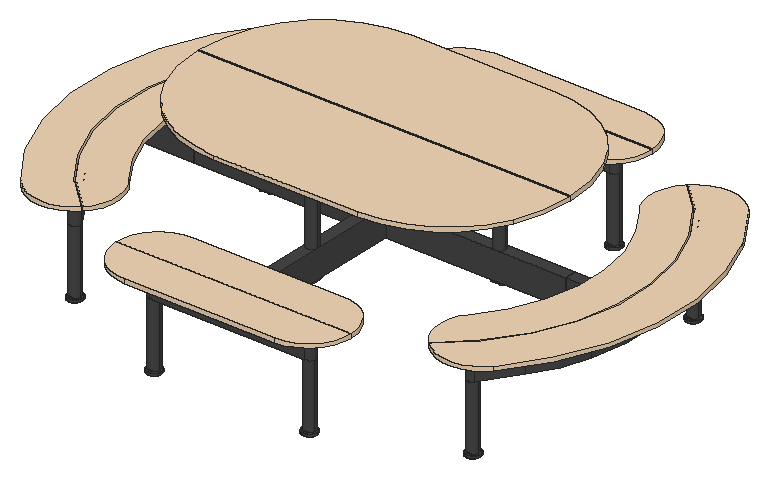
Revit family "DBLTD_TheSenatorGroup_OfficeTables_Tibo_US", category Furniture, Revit 2021
Family settings
  OmniClass Number = 23.40.20.00
  OmniClass Title = General Furniture and Specialties
  Work Plane-Based = No
  Always vertical = Yes
  Cut with Voids When Loaded = No
  Shared = Yes
  Room Calculation Point = No
Parameters (values of type "Mid Oblong Outdoor Table")
  WorktopMaterial = DBLTD_TheSenatorGroup_Wood_Teak
  WorksurfaceArea = NominalWidth * NominalDepth  # 5.49536 m²
  WarrantyStartDate [instance] = " "
  WarrantyGuarantorParts = "https://www.thesenatorgroup.com/"
  WarrantyGuarantorLabor = "https://www.thesenatorgroup.com/"
  WarrantyDurationUnit = "years"
  WarrantyDurationParts = "5"
  WarrantyDurationLabor = "5"
  WarrantyDescription = "The Senator Group warrants that its manufactured products are free from manufacturing defects - in materials or workmanship - for a period of five (5) years.\r\nAllermuir will repair, or replace (at Allermuir’s sole discretion) with comparable free of charge materials/ components, any product/ component which fails under normal use in a single shift environment, as a result of a defect in the materials and/or workmanship.\r\n\r\nExceptions -\r\nNon-standard product - 2 years\r\nScreen-mounted Accessories/ Dry-wipe Boards - 2 years\r\nElectrical and/or electronic componentry - 2 years\r\n\r\nExclusions - Allermuir does not warrant:\r\nFailure due to normal “Wear and Tear”.\r\nNatural variations in appearance of wood - its grain, figure and colour.\r\nChanges in surface appearance resulting from exposure to light, and the natural ageing process of wood.\r\nChanges in surface appearance resulting from the misuse of cleaning materials and methods/ damage form sharp objects/ imprinting from writing implements.\r\nNatural variations in Leather - its marks, scars and wrinkles.\r\nProduct stored/ exposed to extreme operational conditions.\r\nConsumable components such as Fuses/ Lights/ lamps/ transformers/etc.\r\nOther Manufacturer’s product supplied by Allermuir (their own warranty shall apply where possible).\r\nNon-standard fabrics/ finishes or veneers used. Allermuir only checks the manufacturing quality of Customer’s\r\nOwn Material (COM) and provides no warranty for the finish/ fabric itself.\r\nProduct which has not been installed/ moved/ reconfigured by Allermuir approved personnel.\r\nAllermuir shall be under no liability whatsoever for any consequential damage, loss or other expenses whether arising out of contract, negligence or otherwise."
  Version = "1"
  Uniclass2015Version = "Products v1.15"
  Uniclass2015Title = "Office tables"
  Uniclass2015Code = "Pr_40_50_21_60"
  URL = "https://www.thesenatorgroup.com/"
  Type Comments = ModelReference  # "Mid Oblong Outdoor Table"
  TagNumber [instance] = " "
  TableType = Nested_DBLTD_TheSenatorGroup_OfficeTables_Tibo_Oval : Oval Small
  SustainabilityPerformance = "n/a"
  Size = "104.02 x 81.89 x 2913 mm"
  Shape = "Rectangular"
  SerialNumber [instance] = " "
  Revision = ""
  ReplacementCost = "n/a"
  ProductInformation = "https://www.allermuir.com/en/products/tables-storage/tibo"
  NumberOfChairs = 8
  NominalWidth = 104.01575"
  NominalHeight = 29.13386"
  NominalDepth = 81.88976"
  Name = "Table"
  ModelReference = "Mid Oblong Outdoor Table"
  ModelNumber = "TOMO"
  Model = ModelNumber  # "TOMO"
  Material = "Top and Seats; 18 mm Teak. Frame; Aluminium"
  ManufacturerURL = "https://www.thesenatorgroup.com/"
  ManufacturerName = "The Senator Group"
  Keynote = Category  # "Pr_40_50_21_60 Office tables"
  InstallationDate [instance] = " "
  Grade = "n/a"
  FrameMaterial [instance] = DBLTD_TheSenatorGroup_Metal_Black
  Finish = "Frame; Black Textured, Ceramic White. Top; White, Grey, Platinum, Pewter Grey, Jet Black, Ash, Summer Oak, Biella Walnut. Edge; Solid Black, Solid White, Clear"
  Features = "n/a"
  ExpectedLife = "5"
  DurationUnit = "years"
  Cost = 0
  Constituents = "Base, Top, Seats"
  Color = "Frame; Black, White, Stone. Top; Teak"
  CodePerformance = "n/a"
  Category = "Pr_40_50_21_60 Office tables"
  Manufacturer = ManufacturerName  # "The Senator Group"
  Description = ModelReference  # "Mid Oblong Outdoor Table"
  Default Elevation = 0"
  BarCode [instance] = " "
  Author = "Diane Butterworth Ltd"
  AssetType = "Movable"
  AssetIdentifier [instance] = " "
  Assembly Code = "E2020200"
  AccessibilityPerformance = "n/a"
Reference planes (in)
  plane 1 "Center (Front/Back)": y = 0
  plane 2: z = 0
  plane 3 "Center (Left/Right)": x = 0
  plane 4: z = 29.13386
  plane 5: z = 28.14961
  plane 6: x = 52.00787
  plane 7: x = -52.00787
  plane 8 "Center L/S": y = 40.94488
  plane 9 "Center L/T": y = -40.94488
Dimensions and locks (in)
  "NominalHeight": plane 4 to level
  plane 4 to plane 5 = 0.98425"
  equal spacing: plane 7, plane 3 "Center (Left/Right)", plane 6
  "NominalWidth": plane 7 to plane 6
  equal spacing: plane 9 "Center L/T", plane 1 "Center (Front/Back)", plane 8 "Center L/S"
  "NominalDepth": plane 9 "Center L/T" to plane 8 "Center L/S"
  aligned and locked: level to plane 2
Nested families (in)
  nested 1: "Nested_DBLTD_TheSenatorGroup_OfficeTables_Tibo_Oval" at (0, 0, 0), FrameMaterial <- "FrameMaterial", WorktopMaterial <- "WorktopMaterial", type <- "TableType", type "Oval Small"
    with WorktopMaterial DBLTD_TheSenatorGroup_Wood_Teak, FrameMaterial DBLTD_TheSenatorGroup_Metal_Black, EdgeTrimMaterial none
Definition of nested family "Nested_DBLTD_TheSenatorGroup_OfficeTables_Tibo_Oval"
  Parameters (values of type "Oval Small")
    WorktopMaterial [instance] = none
    Width = 48.8189"
    TableWidth = 65.4264"
    TableLarge = no
    FrameMaterial [instance] = none
    EdgeTrimMaterial [instance] = none
    Depth = 35.43307"
    Default Elevation = 0"
  Types (2): name | TableWidth | TableLarge
    Oval Small | 65.4264" | no
    Oval Large | 94.50394" | yes
  Reference planes (in)
    plane 1 "Center (Front/Back)": y = 0
    plane 2: z = 0
    plane 3 "Center (Left/Right)": x = 0
    plane 4: x = -32.7132
    plane 5: x = 32.7132
    plane 6: x = -20.71653
    plane 7: x = -20.48033
    plane 8: x = 20.71653
    plane 9: x = 20.48033
    plane 10: x = -13.65361
    plane 11: x = 13.65361
    plane 12: x = -13.7422
    plane 13: x = -13.56652
    plane 14: x = 13.7422
    plane 15: x = 13.56652
  Forms (in)
    Extrusion 1, solid, material <- "WorktopMaterial"
      sketch origin (0, 0, 0) x (1, 0, 0) y (0, 1, 0)
        loop
          arc (-30.61085, 9.91077) -> (-32.17174, 5.1137) -> (-32.7132, 0.09821) r 24.40945
          line (-32.7132, 0.09821) -> (32.71331, 0.06349)
          arc (32.71331, 0.06349) -> (32.17537, 5.09672) -> (30.61085, 9.91077) r 24.40945
          arc (30.61085, 9.91077) -> (23.34911, 18.42328) -> (12.62141, 21.60325) r 19.68504
          line (12.62141, 21.60325) -> (-12.62141, 21.60325)
          arc (-12.62141, 21.60325) -> (-23.34911, 18.42328) -> (-30.61085, 9.91077) r 19.68504
        loop
          arc (-32.7132, -0.09821) -> (-32.17174, -5.1137) -> (-30.61085, -9.91077) r 24.40945
          arc (-30.61085, -9.91077) -> (-23.34911, -18.42328) -> (-12.62141, -21.60325) r 19.68504
          line (-12.62141, -21.60325) -> (12.62141, -21.60325)
          arc (12.62141, -21.60325) -> (23.34911, -18.42328) -> (30.61085, -9.91077) r 19.68504
          arc (30.61085, -9.91077) -> (32.17537, -5.09672) -> (32.71331, -0.06349) r 24.40945
          line (32.71331, -0.06349) -> (-32.7132, -0.09821)
      from 28.49418 to 29.20284
    Extrusion 2, solid, material <- "WorktopMaterial"
      sketch origin (0, -2.77673, 0) x (1, 0, 0) y (0, 1, 0)
        loop
          line (-13.17733, 28.38398) -> (13.17733, 28.38398)
          arc (13.17733, 28.38398) -> (18.41788, 30.53446) -> (20.63731, 35.74618) r 7.46063
          line (20.63731, 35.74618) -> (-20.63731, 35.74618)
          arc (-20.63731, 35.74618) -> (-18.41788, 30.53446) -> (-13.17733, 28.38398) r 7.46063
        loop
          line (13.17733, 43.30523) -> (-13.17733, 43.30523)
          arc (-13.17733, 43.30523) -> (-18.41788, 41.15475) -> (-20.63731, 35.94303) r 7.46063
          line (-20.63731, 35.94303) -> (20.63731, 35.94303)
          arc (20.63731, 35.94303) -> (18.41788, 41.15475) -> (13.17733, 43.30523) r 7.46063
        loop
          arc (-13.17733, -22.83051) -> (-18.41788, -24.98099) -> (-20.63731, -30.19271) r 7.46063
          line (-20.63731, -30.19271) -> (20.63731, -30.19271)
          arc (20.63731, -30.19271) -> (18.41788, -24.98099) -> (13.17733, -22.83051) r 7.46063
          line (13.17733, -22.83051) -> (-13.17733, -22.83051)
        loop
          arc (13.17733, -37.75177) -> (18.41788, -35.60128) -> (20.63731, -30.38956) r 7.46063
          line (20.63731, -30.38956) -> (-20.63731, -30.38956)
          arc (-20.63731, -30.38956) -> (-18.41788, -35.60128) -> (-13.17733, -37.75177) r 7.46063
          line (-13.17733, -37.75177) -> (13.17733, -37.75177)
      from 17.12106 to 17.82972
    Extrusion 3, solid, material <- "FrameMaterial"
      sketch origin (0, 0, 0) x (1, 0, 0) y (0, 1, 0)
        loop
          arc (-14.63859, 28.89464) -> (-13.65434, 27.91039) -> (-12.67008, 28.89464) r 0.98425
          line (-12.67008, 28.89464) -> (-12.67015, 37.94975)
          arc (-12.67015, 37.94975) -> (-13.6544, 38.93401) -> (-14.63866, 37.94975) r 0.98425
          line (-14.63866, 37.94975) -> (-14.63859, 28.89464)
        loop
          line (14.63859, 28.89464) -> (14.63859, 37.94975)
          arc (14.63859, 37.94975) -> (13.65434, 38.93401) -> (12.67008, 37.94975) r 0.98425
          line (12.67008, 37.94975) -> (12.67008, 28.89464)
          arc (12.67008, 28.89464) -> (13.65434, 27.91039) -> (14.63859, 28.89464) r 0.98425
        loop
          line (-14.63859, -28.89464) -> (-14.63866, -37.94975)
          arc (-14.63866, -37.94975) -> (-13.6544, -38.93401) -> (-12.67015, -37.94975) r 0.98425
          line (-12.67015, -37.94975) -> (-12.67008, -28.89464)
          arc (-12.67008, -28.89464) -> (-13.65434, -27.91039) -> (-14.63859, -28.89464) r 0.98425
        loop
          arc (14.63859, -28.89464) -> (13.65434, -27.91039) -> (12.67008, -28.89464) r 0.98425
          line (12.67008, -28.89464) -> (12.67008, -37.94975)
          arc (12.67008, -37.94975) -> (13.65434, -38.93401) -> (14.63859, -37.94975) r 0.98425
          line (14.63859, -37.94975) -> (14.63859, -28.89464)
      from 16.88583 to 17.12106
    Extrusion 4, solid, material <- "FrameMaterial"
      sketch origin (-3.93701, 0, 0) x (1, 0, 0) y (0, 1, 0)
        loop
          line (17.59002, 34.44582) -> (-9.716, 34.44582)
          arc (-9.716, 34.44582) -> (-10.70026, 33.46157) -> (-9.716, 32.47732) r 0.98425
          line (-9.716, 32.47732) -> (17.59002, 32.47732)
          arc (17.59002, 32.47732) -> (18.57427, 33.46157) -> (17.59002, 34.44582) r 0.98425
        loop
          arc (17.59002, -34.44582) -> (18.57427, -33.46157) -> (17.59002, -32.47732) r 0.98425
          line (17.59002, -32.47732) -> (-9.716, -32.47732)
          arc (-9.716, -32.47732) -> (-10.70026, -33.46157) -> (-9.716, -34.44582) r 0.98425
          line (-9.716, -34.44582) -> (17.59002, -34.44582)
      from 11.92873 to 16.88754
    Extrusion 5, solid, material <- "FrameMaterial"
      sketch origin (-8.17006, 0, 0) x (1, 0, 0) y (0, 1, 0)
        loop
          line (-13.41262, 13.96757) -> (-13.41262, 3.94538) -> (-20.73225, 3.94538)
          arc (-20.73225, 3.94538) -> (-21.7165, 2.96113) -> (-20.73225, 1.97688) r 0.98425
          line (-20.73225, 1.97688) -> (-13.41262, 1.97688) -> (-13.41262, -1.97688) -> (-20.73225, -1.97688)
          arc (-20.73225, -1.97688) -> (-21.7165, -2.96113) -> (-20.73225, -3.94538) r 0.98425
          line (-20.73225, -3.94538) -> (-13.41262, -3.94538) -> (-13.41262, -13.96939)
          arc (-13.41262, -13.96939) -> (-12.42495, -14.95364) -> (-11.44413, -13.96258) r 0.98426
          line (-11.44413, -13.96258) -> (-11.44413, -12.00739) -> (7.18581, -12.00739) -> (7.18581, -10.03889) -> (-11.44413, -10.03889) -> (-11.44413, -3.94538) -> (7.18581, -3.94538) -> (7.18581, -1.97688) -> (-11.44413, -1.97688) -> (-11.44413, 1.97688) -> (7.18581, 1.97688) -> (7.18581, 3.94538) -> (-11.44413, 3.94538) -> (-11.44413, 10.04266) -> (7.18581, 10.04266) -> (7.18581, 12.01116) -> (-11.44412, 12.01116) -> (-11.44412, 13.96757)
          arc (-11.44412, 13.96757) -> (-12.42837, 14.95182) -> (-13.41262, 13.96757) r 0.98425
      from 28.25984 to 28.49418
    Extrusion 6, solid, material <- "FrameMaterial"
      sketch origin (0, 0, 0) x (1, 0, 0) y (0, 1, 0)
        loop
          line (-0.98425, 0.99372) -> (-32.7132, 0.99374) -> (-32.7132, -0.99374) -> (-0.98425, -0.99372) -> (-0.98425, -32.47732) -> (0.98425, -32.47732) -> (0.98425, -0.99372) -> (32.7132, -0.99374) -> (32.7132, 0.99374) -> (0.98425, 0.99372) -> (0.98425, 32.47732) -> (-0.98425, 32.47732) -> (-0.98425, 0.99372)
      from 11.92873 to 16.88754
    Extrusion 7, solid, material <- "FrameMaterial"
      sketch origin (-8.17006, 0, 0) x (1, 0, 0) y (0, 1, 0)
        loop
          circle (-12.19169, 0) r 0.98425
      from 16.88583 to 28.25984
    Extrusion 8, solid, material <- "FrameMaterial"
      sketch origin (-36.12145, -14.06599, 0) x (0, 1, 0) y (0, 0, -1)
        loop
          arc (0.46922, -27.62007) -> (0.13528, -27.77615) -> (-0.04104, -28.09986) r 0.59055
          line (-0.04104, -28.09986) -> (-0.07038, -28.25984) -> (28.20237, -28.25984) -> (28.17303, -28.09986)
          arc (28.17303, -28.09986) -> (27.99671, -27.77615) -> (27.66277, -27.62007) r 0.59055
          line (27.66277, -27.62007) -> (17.70095, -26.42053) -> (10.43104, -26.42053) -> (0.46922, -27.62007)
      from -15.40492 to -15.64112
    Extrusion 9, solid, material <- "FrameMaterial"
      sketch origin (-13.74216, 28.89464, 0) x (0, 1, 0) y (0, 0, -1)
        loop
          arc (0.04845, -15.84485) -> (-0.50832, -16.07547) -> (-0.73895, -16.63225) r 0.7874
          line (-0.73895, -16.63225) -> (-0.73895, -16.88583) -> (9.79406, -16.88583) -> (9.79406, -16.63225)
          arc (9.79406, -16.63225) -> (9.56344, -16.07547) -> (9.00666, -15.84485) r 0.7874
          line (9.00666, -15.84485) -> (0.04845, -15.84485)
      from 0.00005 to -0.17564
    Extrusion 10, solid, material <- "FrameMaterial"
      sketch origin (-8.17006, 0, 0) x (1, 0, 0) y (0, 1, 0)
        loop
          line (-12.74254, -0.9291) -> (-11.64082, -0.9291)
          arc (-11.64082, -0.9291) -> (-10.71172, 0) -> (-11.64082, 0.9291) r 0.9291
          line (-11.64082, 0.9291) -> (-12.74254, 0.9291)
          arc (-12.74254, 0.9291) -> (-13.67164, 0) -> (-12.74254, -0.9291) r 0.9291
      from 11.65827 to 11.92873
    Extrusion 11, solid, material <- "FrameMaterial"
      sketch origin (8.17006, 0, 0) x (-1, 0, 0) y (0, -1, 0)
        loop
          circle (-12.19169, 0) r 0.98425
      from 16.88754 to 28.25984
    Extrusion 12, solid, material <- "FrameMaterial"
      sketch origin (8.17006, 0, 0) x (-1, 0, 0) y (0, -1, 0)
        loop
          arc (-12.74254, 0.9291) -> (-13.67164, 0) -> (-12.74254, -0.9291) r 0.9291
          line (-12.74254, -0.9291) -> (-11.64082, -0.9291)
          arc (-11.64082, -0.9291) -> (-10.71172, 0) -> (-11.64082, 0.9291) r 0.9291
          line (-11.64082, 0.9291) -> (-12.74254, 0.9291)
      from 11.65827 to 11.92873
    Extrusion 13, solid, material <- "FrameMaterial"
      sketch origin (13.74216, 28.89464, 0) x (0, 1, 0) y (0, 0, 1)
        loop
          line (0.04845, 15.84485) -> (9.00666, 15.84485)
          arc (9.00666, 15.84485) -> (9.56344, 16.07547) -> (9.79406, 16.63225) r 0.7874
          line (9.79406, 16.63225) -> (9.79406, 16.88583) -> (-0.73895, 16.88583) -> (-0.73895, 16.63225)
          arc (-0.73895, 16.63225) -> (-0.50832, 16.07547) -> (0.04845, 15.84485) r 0.7874
      from 0.00005 to -0.17564
    Extrusion 14, solid, material <- "FrameMaterial"
      sketch origin (36.12145, -14.06599, 0) x (0, 1, 0) y (0, 0, 1)
        loop
          line (0.46922, 27.62007) -> (10.43104, 26.42053) -> (17.70095, 26.42053) -> (27.66277, 27.62007)
          arc (27.66277, 27.62007) -> (27.99671, 27.77615) -> (28.17303, 28.09986) r 0.59055
          line (28.17303, 28.09986) -> (28.20237, 28.25984) -> (-0.07038, 28.25984) -> (-0.04104, 28.09986)
          arc (-0.04104, 28.09986) -> (0.13528, 27.77615) -> (0.46922, 27.62007) r 0.59055
      from -15.40492 to -15.64112
    Extrusion 15, solid, material <- "FrameMaterial"
      sketch origin (8.17006, 0, 0) x (-1, 0, 0) y (0, -1, 0)
        loop
          arc (-13.41262, -13.96757) -> (-12.42837, -14.95181) -> (-11.44413, -13.96757) r 0.98424
          line (-11.44413, -13.96757) -> (-11.44413, -12.01116) -> (7.18581, -12.01116) -> (7.18581, -10.04266) -> (-11.44413, -10.04266) -> (-11.44413, -3.94538) -> (7.18581, -3.94538) -> (7.18581, -1.97688) -> (-11.44413, -1.97688) -> (-11.44413, 1.97688) -> (7.18581, 1.97688) -> (7.18581, 3.94538) -> (-11.44413, 3.94538) -> (-11.44413, 10.04266) -> (7.18581, 10.04266) -> (7.18581, 12.01116) -> (-11.44413, 12.01116) -> (-11.44413, 13.96635)
          arc (-11.44413, 13.96635) -> (-12.42489, 14.95753) -> (-13.41262, 13.97328) r 0.98426
          line (-13.41262, 13.97328) -> (-13.41262, 3.94538) -> (-20.73225, 3.94538)
          arc (-20.73225, 3.94538) -> (-21.7165, 2.96113) -> (-20.73225, 1.97688) r 0.98425
          line (-20.73225, 1.97688) -> (-13.41262, 1.97688) -> (-13.41262, -1.97688) -> (-20.73225, -1.97688)
          arc (-20.73225, -1.97688) -> (-21.7165, -2.96113) -> (-20.73225, -3.94538) r 0.98425
          line (-20.73225, -3.94538) -> (-13.41262, -3.94538) -> (-13.41262, -13.96757)
      from 28.25984 to 28.49418
    Revolve 16, solid, material <- "FrameMaterial"
      sketch origin (0, 33.46142, 0) x (1, 0, 0) y (0, 0, 1)
        loop
          line (13.6536, 11.92873) -> (13.6536, 0) -> (14.85097, 0) -> (14.85097, 0.08541) -> (14.96879, 0.11698) -> (14.96879, 0.39257) -> (14.91612, 0.41174) -> (13.73502, 0.41174) -> (13.73502, 0.61212) -> (14.59865, 0.61212) -> (14.6377, 0.65118) -> (14.6377, 11.92873) -> (13.6536, 11.92873)
        axis (13.6536, 0) -> (13.6536, 11.92873)
      angle from 0 to 360
    Revolve 17, solid, material <- "FrameMaterial"
      sketch origin (0, 33.46142, 0) x (-1, 0, 0) y (0, 0, -1)
        loop
          line (13.6536, -11.92873) -> (14.6377, -11.92873) -> (14.6377, -0.65118) -> (14.59865, -0.61212) -> (13.73502, -0.61212) -> (13.73502, -0.41174) -> (14.91612, -0.41174) -> (14.96879, -0.39257) -> (14.96879, -0.11698) -> (14.85097, -0.08541) -> (14.85097, 0) -> (13.6536, 0) -> (13.6536, -11.92873)
        axis (13.6536, 0) -> (13.6536, -11.92873)
      angle from 0 to 360
    Revolve 18, solid, material <- "FrameMaterial"
      sketch origin (0, -33.46142, 0) x (1, 0, 0) y (0, 0, -1)
        loop
          line (13.6536, -11.92873) -> (14.6377, -11.92873) -> (14.6377, -0.65118) -> (14.59865, -0.61212) -> (13.73502, -0.61212) -> (13.73502, -0.41174) -> (14.91612, -0.41174) -> (14.96879, -0.39257) -> (14.96879, -0.11698) -> (14.85097, -0.08541) -> (14.85097, 0) -> (13.6536, 0) -> (13.6536, -11.92873)
        axis (13.6536, 0) -> (13.6536, -11.92873)
      angle from 0 to 360
    Revolve 19, solid, material <- "FrameMaterial"
      sketch origin (0, -33.46142, 0) x (-1, 0, 0) y (0, 0, 1)
        loop
          line (13.6536, 11.92873) -> (13.6536, 0) -> (14.85097, 0) -> (14.85097, 0.08541) -> (14.96879, 0.11698) -> (14.96879, 0.39257) -> (14.91612, 0.41174) -> (13.73502, 0.41174) -> (13.73502, 0.61212) -> (14.59865, 0.61212) -> (14.6377, 0.65118) -> (14.6377, 11.92873) -> (13.6536, 11.92873)
        axis (13.6536, 0) -> (13.6536, 11.92873)
      angle from 0 to 360
    Extrusion 20, solid, material <- "FrameMaterial"
      sketch origin (0, 0, 0) x (0, 1, 0) y (0, 0, 1)
        loop
          arc (-28.94309, 15.84485) -> (-28.38632, 16.07547) -> (-28.15569, 16.63225) r 0.7874
          line (-28.15569, 16.63225) -> (-28.15569, 16.88583) -> (-38.6887, 16.88583) -> (-38.6887, 16.63225)
          arc (-38.6887, 16.63225) -> (-38.45808, 16.07547) -> (-37.9013, 15.84485) r 0.7874
          line (-37.9013, 15.84485) -> (-28.94309, 15.84485)
      from -13.7422 to -13.56652
    Extrusion 21, solid, material <- "FrameMaterial"
      sketch origin (0, 0, 0) x (0, 1, 0) y (0, 0, -1)
        loop
          line (-28.94309, -15.84485) -> (-37.9013, -15.84485)
          arc (-37.9013, -15.84485) -> (-38.45808, -16.07547) -> (-38.6887, -16.63225) r 0.7874
          line (-38.6887, -16.63225) -> (-38.6887, -16.88583) -> (-28.15569, -16.88583) -> (-28.15569, -16.63225)
          arc (-28.15569, -16.63225) -> (-28.38632, -16.07547) -> (-28.94309, -15.84485) r 0.7874
      from -13.7422 to -13.56652
    Extrusion 22, solid, material <- "FrameMaterial"
      sketch origin (0, 0, 0) x (1, 0, 0) y (0, 0, -1)
        loop
          line (-20.48032, -26.45989) -> (-20.48032, -28.25984) -> (20.48032, -28.25984) -> (20.48032, -26.45989) -> (-20.48032, -26.45989)
      from -11.14502 to -10.9088
    Extrusion 23, solid, material <- "FrameMaterial"
      sketch origin (10.03674, 1.91361, 0) x (1, 0, 0) y (0, 1, 0)
        loop
          line (-11.02098, 13.88497) -> (-11.02098, -17.71219)
          arc (-11.02098, -17.71219) -> (-10.03674, -18.69643) -> (-9.05249, -17.71219) r 0.98424
          line (-9.05249, -17.71219) -> (-9.05249, 13.88497)
          arc (-9.05249, 13.88497) -> (-10.03674, 14.86921) -> (-11.02098, 13.88497) r 0.98424
      from 28.25984 to 28.49418
    Extrusion 24, solid, material <- "FrameMaterial"
      sketch origin (-15.52302, -12.23499, 0) x (0, 1, 0) y (0, 0, -1)
        loop
          line (6.76902, -26.42053) -> (-3.1928, -27.62007)
          arc (-3.1928, -27.62007) -> (-3.52674, -27.77615) -> (-3.70306, -28.09986) r 0.59055
          line (-3.70306, -28.09986) -> (-3.7324, -28.25984) -> (28.20237, -28.25984) -> (28.17303, -28.09986)
          arc (28.17303, -28.09986) -> (27.99671, -27.77615) -> (27.66277, -27.62007) r 0.59055
          line (27.66277, -27.62007) -> (17.70095, -26.42053) -> (6.76902, -26.42053)
      from -15.40492 to -15.64112
    Extrusion 25, solid, material <- "FrameMaterial"
      sketch origin (12.19168, 15.79857, 0) x (1, 0, 0) y (0, 1, 0)
        loop
          circle (-12.19168, 0) r 0.98425
      from 16.88583 to 28.25984
    Extrusion 26, solid, material <- "FrameMaterial"
      sketch origin (0.00001, 27.99025, 0) x (0, 1, 0) y (-1, 0, 0)
        loop
          line (-12.74254, -0.9291) -> (-11.64081, -0.9291)
          arc (-11.64081, -0.9291) -> (-10.71172, 0) -> (-11.64081, 0.9291) r 0.9291
          line (-11.64081, 0.9291) -> (-12.74254, 0.9291)
          arc (-12.74254, 0.9291) -> (-13.67164, 0) -> (-12.74254, -0.9291) r 0.9291
      from 11.65827 to 11.92873
    Extrusion 27, solid, material <- "FrameMaterial"
      sketch origin (12.19168, -15.79857, 0) x (1, 0, 0) y (0, 1, 0)
        loop
          circle (-12.19168, 0) r 0.98425
      from 16.88583 to 28.25984
    Extrusion 28, solid, material <- "FrameMaterial"
      sketch origin (0.00001, -27.99025, 0) x (0, -1, 0) y (1, 0, 0)
        loop
          arc (-12.74254, 0.9291) -> (-13.67164, 0) -> (-12.74254, -0.9291) r 0.9291
          line (-12.74254, -0.9291) -> (-11.64081, -0.9291)
          arc (-11.64081, -0.9291) -> (-10.71172, 0) -> (-11.64081, 0.9291) r 0.9291
          line (-11.64081, 0.9291) -> (-12.74254, 0.9291)
      from 11.65827 to 11.92873
    Extrusion 29, solid, material <- "FrameMaterial"
      sketch origin (0, 0, 0) x (1, 0, 0) y (0, 0, 1)
        loop
          line (-20.48032, 26.45989) -> (20.48033, 26.45989) -> (20.48033, 28.25984) -> (-20.48032, 28.25984) -> (-20.48032, 26.45989)
      from -11.14502 to -10.9088
    Extrusion 30, solid, material <- "FrameMaterial"
      sketch origin (0, 0, 0) x (1, 0, 0) y (0, 0, 1)
        loop
          line (-20.71653, 26.45989) -> (-20.71653, 28.25984) -> (-29.88656, 28.25984) -> (-29.88656, 28.20371)
          arc (-29.88656, 28.20371) -> (-29.74042, 27.8148) -> (-29.37433, 27.61838) r 0.59055
          line (-29.37433, 27.61838) -> (-20.71653, 26.45989)
        loop
          line (-20.48033, 28.25984) -> (-20.48033, 26.45989) -> (20.48032, 26.45989) -> (20.48032, 28.25984) -> (-20.48033, 28.25984)
        loop
          line (20.71653, 26.45989) -> (29.37433, 27.61838)
          arc (29.37433, 27.61838) -> (29.74042, 27.8148) -> (29.88656, 28.20371) r 0.59055
          line (29.88656, 28.20371) -> (29.88656, 28.25984) -> (20.71653, 28.25984) -> (20.71653, 26.45989)
      from -3.0625 to -2.82628
    Extrusion 31, solid, material <- "FrameMaterial"
      sketch origin (0, 0, 0) x (1, 0, 0) y (0, 0, -1)
        loop
          line (-20.71653, -26.45989) -> (-29.37433, -27.61838)
          arc (-29.37433, -27.61838) -> (-29.74042, -27.8148) -> (-29.88656, -28.20371) r 0.59055
          line (-29.88656, -28.20371) -> (-29.88656, -28.25984) -> (-20.71653, -28.25984) -> (-20.71653, -26.45989)
        loop
          line (-20.48033, -28.25984) -> (20.48032, -28.25984) -> (20.48032, -26.45989) -> (-20.48033, -26.45989) -> (-20.48033, -28.25984)
        loop
          line (20.71653, -26.45989) -> (20.71653, -28.25984) -> (29.88656, -28.25984) -> (29.88656, -28.20371)
          arc (29.88656, -28.20371) -> (29.74042, -27.8148) -> (29.37433, -27.61838) r 0.59055
          line (29.37433, -27.61838) -> (20.71653, -26.45989)
      from -3.0625 to -2.82628
    Extrusion 32, solid, material <- "FrameMaterial", visible <- "TableLarge"
      sketch origin (0, 0, 0) x (1, 0, 0) y (0, 1, 0)
        loop
          arc (-10.3961, 28.89464) -> (-9.41183, 27.91037) -> (-8.42755, 28.89464) r 0.98427
          line (-8.42755, 28.89464) -> (-8.42755, 37.94975)
          arc (-8.42755, 37.94975) -> (-9.41183, 38.93402) -> (-10.3961, 37.94975) r 0.98427
          line (-10.3961, 37.94975) -> (-10.3961, 28.89464)
        loop
          line (10.3961, 28.89464) -> (10.3961, 37.94975)
          arc (10.3961, 37.94975) -> (9.41183, 38.93402) -> (8.42755, 37.94975) r 0.98427
          line (8.42755, 37.94975) -> (8.42755, 28.89464)
          arc (8.42755, 28.89464) -> (9.41183, 27.91037) -> (10.3961, 28.89464) r 0.98427
        loop
          line (-10.3961, -28.89464) -> (-10.3961, -37.94975)
          arc (-10.3961, -37.94975) -> (-9.41183, -38.93402) -> (-8.42755, -37.94975) r 0.98427
          line (-8.42755, -37.94975) -> (-8.42755, -28.89464)
          arc (-8.42755, -28.89464) -> (-9.41183, -27.91037) -> (-10.3961, -28.89464) r 0.98427
        loop
          arc (10.3961, -28.89464) -> (9.41183, -27.91037) -> (8.42755, -28.89464) r 0.98427
          line (8.42755, -28.89464) -> (8.42755, -37.94975)
          arc (8.42755, -37.94975) -> (9.41183, -38.93402) -> (10.3961, -37.94975) r 0.98427
          line (10.3961, -37.94975) -> (10.3961, -28.89464)
      from 16.88754 to 17.12106
    Extrusion 33, solid, material <- "FrameMaterial", visible <- "TableLarge"
      sketch origin (5.03911, 28.89464, 0) x (0, 1, 0) y (0, 0, -1)
        loop
          arc (0.04845, -15.84485) -> (-0.50832, -16.07547) -> (-0.73895, -16.63225) r 0.7874
          line (-0.73895, -16.63225) -> (-0.73895, -16.88583) -> (9.79406, -16.88583) -> (9.79406, -16.63225)
          arc (9.79406, -16.63225) -> (9.56344, -16.07547) -> (9.00666, -15.84485) r 0.7874
          line (9.00666, -15.84485) -> (0.04845, -15.84485)
      from 14.53878 to 14.36313
    Extrusion 34, solid, material <- "FrameMaterial", visible <- "TableLarge"
      sketch origin (-5.03911, 28.89464, 0) x (0, 1, 0) y (0, 0, 1)
        loop
          line (0.04845, 15.84485) -> (9.00666, 15.84485)
          arc (9.00666, 15.84485) -> (9.56344, 16.07547) -> (9.79406, 16.63225) r 0.7874
          line (9.79406, 16.63225) -> (9.79406, 16.88583) -> (-0.73895, 16.88583) -> (-0.73895, 16.63225)
          arc (-0.73895, 16.63225) -> (-0.50832, 16.07547) -> (0.04845, 15.84485) r 0.7874
      from 14.53878 to 14.36313
    Extrusion 35, solid, material <- "FrameMaterial", visible <- "TableLarge"
      sketch origin (5.03911, -28.89464, 0) x (0, -1, 0) y (0, 0, 1)
        loop
          line (0.04845, 15.84485) -> (9.00666, 15.84485)
          arc (9.00666, 15.84485) -> (9.56344, 16.07547) -> (9.79406, 16.63225) r 0.7874
          line (9.79406, 16.63225) -> (9.79406, 16.88583) -> (-0.73895, 16.88583) -> (-0.73895, 16.63225)
          arc (-0.73895, 16.63225) -> (-0.50832, 16.07547) -> (0.04845, 15.84485) r 0.7874
      from 14.53878 to 14.36313
    Extrusion 36, solid, material <- "FrameMaterial", visible <- "TableLarge"
      sketch origin (-5.03911, -28.89464, 0) x (0, -1, 0) y (0, 0, -1)
        loop
          arc (0.04845, -15.84485) -> (-0.50832, -16.07547) -> (-0.73895, -16.63225) r 0.7874
          line (-0.73895, -16.63225) -> (-0.73895, -16.88583) -> (9.79406, -16.88583) -> (9.79406, -16.63225)
          arc (9.79406, -16.63225) -> (9.56344, -16.07547) -> (9.00666, -15.84485) r 0.7874
          line (9.00666, -15.84485) -> (0.04845, -15.84485)
      from 14.53878 to 14.36313
  Lines and regions (in)
    symbolic lines
      curve 1: line (12.26741, 20.97279, 0) -> (12.02928, 21.11027, 0)
      curve 2: line (12.02928, -21.11027, 0) -> (12.26741, -20.97279, 0)
      curve 3: line (-0.98425, 29.40379, 0) -> (0.98425, 29.40379, 0)
      curve 4: line (-38.8478, 0.98425, 0) -> (-38.8478, -0.98425, 0)
      curve 5: line (-0.98425, 23.13814, 0) -> (0.98425, 23.13814, 0)
      curve 6: line (-40.58345, 0.1365, 0) -> (-32.7132, 0.1365, 0)
      curve 7: line (-32.7132, 0.1365, 0) -> (-40.58345, 0.1365, 0)
  Dimensions and locks (in)
    locked: plane 4 to Extrusion 1 sketch curve at 24.40925  (x2)
    locked: plane 4 to Extrusion 1 sketch curve at 20.09179  (x2)
    locked: Extrusion 1 sketch curve to plane 5 at 20.09179  (x2)
    locked: Extrusion 1 sketch curve to plane 5 at 24.40925  (x2)
    equal spacing: plane 4, plane 3 "Center (Left/Right)", plane 5
    "TableWidth": plane 4 to plane 5
    locked: plane 4 to Extrusion 2 sketch curve at 19.53587  (x4)
    locked: Extrusion 2 sketch curve to plane 5 at 19.53587  (x4)
    locked: Extrusion 3 sketch curve to Extrusion 3 sketch curve at 1.96851  (x4)
    locked: plane 4 to Extrusion 3 sketch curve at 18.07461  (x2)
    locked: Extrusion 3 sketch curve to plane 5 at 18.07461  (x2)
    plane 6 to plane 7 = 0.2362"
    locked: plane 4 to plane 6 at 11.99667
    plane 8 to plane 9 = 0.2362"
    locked: plane 5 to plane 8 at 11.99667
    locked: Extrusion 5 sketch curve to plane 3 "Center (Left/Right)" at 0.98425
    locked: plane 7 to plane 10 at 6.82672
    locked: plane 11 to plane 9 at 6.82672
    locked: plane 12 to plane 10 at 0.08856
    locked: plane 10 to plane 13 at 0.08709
    locked: plane 14 to plane 11 at 0.08856
    locked: plane 11 to plane 15 at 0.08709
    Extrusion 23 sketch curve to plane 3 "Center (Left/Right)" to Extrusion 23 sketch curve = 0.98424" locked, 0.98424" locked
    locked: Extrusion 30 sketch curve to plane 6 at 9.17003
    locked: Extrusion 30 sketch curve to plane 8 at 9.17003
    aligned and locked: level to plane 2
    aligned and locked: nested 1 to plane 4
    aligned and locked: nested 2 to plane 5
    aligned and locked: plane 4 to Extrusion 6 sketch curve
    aligned and locked: Extrusion 6 sketch curve to plane 5
    aligned and locked: Extrusion 8 to plane 7
    aligned and locked: plane 6 to Extrusion 8
    aligned and locked: plane 8 to Extrusion 14
    aligned and locked: Extrusion 14 to plane 9
    aligned and locked: Extrusion 5 sketch curve to Extrusion 5 sketch curve  (x3)
    aligned and locked: Extrusion 15 sketch curve to Extrusion 15 sketch curve  (x3)
    aligned and locked: Extrusion 9 to plane 13
    aligned and locked: plane 12 to Extrusion 9
    aligned and locked: plane 14 to Extrusion 13
    aligned and locked: Extrusion 13 to plane 15
    aligned and locked: plane 12 to Extrusion 20
    aligned and locked: Extrusion 20 to plane 13
    aligned and locked: plane 14 to Extrusion 21
    aligned and locked: Extrusion 21 to plane 15
    aligned and locked: plane 7 to Extrusion 22
    aligned and locked: plane 9 to Extrusion 22
    aligned and locked: Extrusion 29 sketch curve to Extrusion 14
    aligned and locked: Extrusion 30 sketch curve to plane 6
    aligned and locked: Extrusion 8 to Extrusion 30 sketch curve
    aligned and locked: Extrusion 30 sketch curve to Extrusion 22
    aligned and locked: plane 8 to Extrusion 30 sketch curve
  Automatic sketch dimensions
    curve 7 to plane 4 = 0"
    curve 7 to plane 1 "Center (Front/Back)" = 0.1365"
    curve 7 to curve 6 = 7.87025"
    curve 6 to curve 4 = 1.73566"
    curve 5 to plane 3 "Center (Left/Right)" = 0.98425"
    curve 3 to plane 3 "Center (Left/Right)" = 0.98425"
    plane 3 "Center (Left/Right)" to curve 3 = 0.98425"
    plane 3 "Center (Left/Right)" to curve 5 = 0.98425"
    curve 2 to plane 15 = 1.53723"
    curve 1 to plane 15 = 1.53723"
    curve 1 to curve 1 = 0.23813"
    curve 2 to curve 2 = 0.23813"
    plane 1 "Center (Front/Back)" to curve 4 = 0.98425"
    plane 1 "Center (Front/Back)" to curve 2 = 20.97279"
    curve 2 to curve 2 = 0.13748"
    curve 4 to plane 1 "Center (Front/Back)" = 0.98425"
    curve 1 to plane 1 "Center (Front/Back)" = 20.97279"
    curve 1 to curve 1 = 0.13748"
    curve 5 to plane 1 "Center (Front/Back)" = 23.13814"
    curve 5 to curve 3 = 6.26564"
    Extrusion 1 sketch curve to Extrusion 1 sketch curve = 0"  (x2)
    Extrusion 1 sketch curve to plane 4 = 0"  (x2)
    plane 1 "Center (Front/Back)" to Extrusion 1 sketch curve = 0"  (x2)
    plane 5 to Extrusion 1 sketch curve = 0.00011"  (x2)
    plane 1 "Center (Front/Back)" to Extrusion 1 sketch curve = 0.06349"
    plane 1 "Center (Front/Back)" to Extrusion 1 sketch curve = 0.09821"
    plane 1 "Center (Front/Back)" to Extrusion 1 sketch curve = 1.91821"  (x2)
    Extrusion 1 sketch curve to Extrusion 1 sketch curve = 19.68504"  (x2)
    Extrusion 1 sketch curve to plane 1 "Center (Front/Back)" = 0.06349"
    Extrusion 1 sketch curve to plane 1 "Center (Front/Back)" = 0.09821"
    Extrusion 1 sketch curve to plane 1 "Center (Front/Back)" = 1.91821"  (x2)
    Extrusion 2 sketch curve to Extrusion 2 sketch curve = 0"  (x4)
    Extrusion 2 sketch curve to plane 6 = 0.07921"  (x4)
    Extrusion 2 sketch curve to plane 8 = 0.07921"  (x2)
    plane 1 "Center (Front/Back)" to Extrusion 2 sketch curve = 40.5285"
    Extrusion 2 sketch curve to Extrusion 2 sketch curve = 7.3622"  (x2)
    Extrusion 2 sketch curve to Extrusion 2 sketch curve = 0.19685"  (x2)
    Extrusion 2 sketch curve to plane 1 "Center (Front/Back)" = 25.60724"
    plane 12 to Extrusion 3 sketch curve = 0.89646"
    plane 12 to Extrusion 3 sketch curve = 0.89644"
    plane 1 "Center (Front/Back)" to Extrusion 3 sketch curve = 37.94975"  (x2)
    Extrusion 3 sketch curve to Extrusion 3 sketch curve = 0"  (x11)
    Extrusion 3 sketch curve to Extrusion 3 sketch curve = 9.05511"  (x4)
    Extrusion 3 sketch curve to plane 1 "Center (Front/Back)" = 28.89464"  (x2)
    Extrusion 4 sketch curve to plane 10 = 0.0006"  (x2)
    Extrusion 4 sketch curve to plane 11 = 0.0006"  (x2)
    plane 1 "Center (Front/Back)" to Extrusion 4 sketch curve = 34.44582"
    Extrusion 4 sketch curve to Extrusion 4 sketch curve = 0.98425"  (x2)
    Extrusion 4 sketch curve to plane 1 "Center (Front/Back)" = 32.47732"
    Extrusion 5 sketch curve to plane 7 = 0.86614"  (x10)
    plane 7 to Extrusion 5 sketch curve = 0.11809"
    Extrusion 5 sketch curve to plane 6 = 0.11809"
    plane 6 to Extrusion 5 sketch curve = 0.86615"  (x2)
    Extrusion 5 sketch curve to plane 4 = 3.81089"  (x2)
    Extrusion 5 sketch curve to Extrusion 5 sketch curve = 0"  (x5)
    plane 1 "Center (Front/Back)" to Extrusion 5 sketch curve = 13.96939"
    Extrusion 5 sketch curve to Extrusion 5 sketch curve = 1.95519"
    Extrusion 5 sketch curve to Extrusion 5 sketch curve = 1.9685"  (x2)
    plane 1 "Center (Front/Back)" to Extrusion 5 sketch curve = 3.94538"
    Extrusion 5 sketch curve to Extrusion 5 sketch curve = 0.98425"  (x2)
    Extrusion 5 sketch curve to Extrusion 5 sketch curve = 1.96849"  (x3)
    Extrusion 5 sketch curve to plane 1 "Center (Front/Back)" = 1.97688"  (x2)
    Extrusion 5 sketch curve to Extrusion 5 sketch curve = 6.09729"
    Extrusion 5 sketch curve to Extrusion 5 sketch curve = 1.9564"
    Extrusion 6 sketch curve to plane 3 "Center (Left/Right)" = 0.98425"  (x2)
    plane 3 "Center (Left/Right)" to Extrusion 6 sketch curve = 0.98425"  (x2)
    plane 1 "Center (Front/Back)" to Extrusion 6 sketch curve = 32.47732"
    plane 1 "Center (Front/Back)" to Extrusion 6 sketch curve = 0.99374"  (x2)
    plane 1 "Center (Front/Back)" to Extrusion 6 sketch curve = 0.99372"  (x2)
    Extrusion 6 sketch curve to plane 1 "Center (Front/Back)" = 0.99372"  (x2)
    Extrusion 6 sketch curve to plane 1 "Center (Front/Back)" = 0.99374"  (x2)
    Extrusion 6 sketch curve to Extrusion 6 sketch curve = 31.4836"
    plane 1 "Center (Front/Back)" to Extrusion 7 sketch curve = 0"
    Extrusion 7 sketch curve to plane 7 = 0.11858"
    plane 1 "Center (Front/Back)" to Extrusion 8 sketch curve = 14.13638"
    Extrusion 8 sketch curve to Extrusion 8 sketch curve = 0.02934"  (x2)
    Extrusion 8 sketch curve to Extrusion 8 sketch curve = 0.51026"
    Extrusion 8 sketch curve to Extrusion 8 sketch curve = 0.0706"  (x2)
    plane 1 "Center (Front/Back)" to Extrusion 8 sketch curve = 3.63496"
    Extrusion 8 sketch curve to plane 1 "Center (Front/Back)" = 3.63496"
    Extrusion 8 sketch curve to Extrusion 8 sketch curve = 9.89122"
    Extrusion 8 sketch curve to Extrusion 8 sketch curve = 0.58086"
    level to Extrusion 8 sketch curve = 28.25984"
    Extrusion 8 sketch curve to Extrusion 8 sketch curve = 0.05346"  (x2)
    Extrusion 8 sketch curve to Extrusion 8 sketch curve = 0.15998"  (x2)
    Extrusion 8 sketch curve to Extrusion 8 sketch curve = 1.19954"
    level to Extrusion 9 sketch curve = 16.88583"
    Extrusion 9 sketch curve to Extrusion 9 sketch curve = 0.7874"  (x2)
    Extrusion 9 sketch curve to Extrusion 9 sketch curve = 8.95821"
    Extrusion 9 sketch curve to Extrusion 9 sketch curve = 0.25358"
    plane 1 "Center (Front/Back)" to Extrusion 10 sketch curve = 0"
    plane 6 to Extrusion 10 sketch curve = 0.19607"
    Extrusion 10 sketch curve to plane 7 = 0.66945"
    Extrusion 10 sketch curve to Extrusion 10 sketch curve = 0.9291"
    plane 1 "Center (Front/Back)" to Extrusion 11 sketch curve = 0"
    Extrusion 11 sketch curve to plane 9 = 0.11858"
    plane 1 "Center (Front/Back)" to Extrusion 12 sketch curve = 0"
    plane 8 to Extrusion 12 sketch curve = 0.19607"
    Extrusion 12 sketch curve to plane 9 = 0.66945"
    Extrusion 12 sketch curve to plane 1 "Center (Front/Back)" = 0.9291"
    level to Extrusion 13 sketch curve = 16.88583"
    Extrusion 13 sketch curve to Extrusion 13 sketch curve = 0.7874"  (x2)
    Extrusion 13 sketch curve to Extrusion 13 sketch curve = 8.95821"
    Extrusion 13 sketch curve to Extrusion 13 sketch curve = 0.25358"
    plane 1 "Center (Front/Back)" to Extrusion 14 sketch curve = 14.13638"
    Extrusion 14 sketch curve to Extrusion 14 sketch curve = 0.02934"  (x2)
    Extrusion 14 sketch curve to Extrusion 14 sketch curve = 0.51026"
    Extrusion 14 sketch curve to Extrusion 14 sketch curve = 0.0706"  (x2)
    plane 1 "Center (Front/Back)" to Extrusion 14 sketch curve = 3.63496"
    Extrusion 14 sketch curve to plane 1 "Center (Front/Back)" = 3.63496"
    Extrusion 14 sketch curve to Extrusion 14 sketch curve = 9.89122"
    Extrusion 14 sketch curve to Extrusion 14 sketch curve = 0.58086"
    level to Extrusion 14 sketch curve = 26.42053"
    Extrusion 14 sketch curve to Extrusion 14 sketch curve = 1.19954"  (x2)
    Extrusion 14 sketch curve to Extrusion 14 sketch curve = 0.47979"  (x2)
    Extrusion 14 sketch curve to Extrusion 14 sketch curve = 0.15998"
    Extrusion 15 sketch curve to plane 5 = 3.81089"  (x2)
    Extrusion 15 sketch curve to Extrusion 15 sketch curve = 0"  (x5)
    plane 8 to Extrusion 15 sketch curve = 0.86615"  (x3)
    Extrusion 15 sketch curve to plane 8 = 0.11809"
    plane 9 to Extrusion 15 sketch curve = 0.11809"
    Extrusion 15 sketch curve to plane 9 = 0.86614"  (x9)
    plane 3 "Center (Left/Right)" to Extrusion 15 sketch curve = 0.98425"
    Extrusion 15 sketch curve to plane 1 "Center (Front/Back)" = 13.96757"
    Extrusion 15 sketch curve to Extrusion 15 sketch curve = 1.9564"
    Extrusion 15 sketch curve to Extrusion 15 sketch curve = 1.9685"  (x2)
    Extrusion 15 sketch curve to plane 1 "Center (Front/Back)" = 3.94538"  (x2)
    Extrusion 15 sketch curve to Extrusion 15 sketch curve = 0.98425"  (x2)
    Extrusion 15 sketch curve to Extrusion 15 sketch curve = 1.96849"  (x3)
    plane 1 "Center (Front/Back)" to Extrusion 15 sketch curve = 1.97688"
    Extrusion 15 sketch curve to Extrusion 15 sketch curve = 6.09729"
    Extrusion 15 sketch curve to Extrusion 15 sketch curve = 1.95519"
    Revolve 16 sketch curve to level = 0"
    Revolve 16 sketch curve to plane 8 = 7.06293"
    Revolve 16 sketch curve to Revolve 16 sketch curve = 0.08142"
    level to Revolve 16 sketch curve = 0.61212"
    Revolve 16 sketch curve to Revolve 16 sketch curve = 0.86363"
    Revolve 16 sketch curve to Revolve 16 sketch curve = 0.9841"
    Revolve 16 sketch curve to Revolve 16 sketch curve = 0.25232"
    level to Revolve 16 sketch curve = 0.41174"
    Revolve 16 sketch curve to Revolve 16 sketch curve = 0.06515"
    level to Revolve 16 sketch curve = 0.11698"
    Revolve 16 sketch curve to Revolve 16 sketch curve = 0.11782"
    level to Revolve 16 sketch curve = 0.08541"
    Revolve 16 sketch curve to Revolve 16 sketch curve = 0.01917"
    Revolve 16 sketch curve to Revolve 16 sketch curve = 0.03906"
    Revolve 16 sketch curve to Revolve 16 sketch curve = 11.27755"
    Revolve 16 sketch curve to Revolve 16 sketch curve = 0"
    Revolve 16 sketch curve to Revolve 16 sketch curve = 0.96569"
    Revolve 16 sketch curve to Revolve 16 sketch curve = 0.47854"
    Revolve 17 sketch curve to level = 0"
    Revolve 17 sketch curve to plane 6 = 7.06293"
    Revolve 17 sketch curve to Revolve 17 sketch curve = 0.08142"
    level to Revolve 17 sketch curve = 0.61212"
    Revolve 17 sketch curve to Revolve 17 sketch curve = 0.86363"
    Revolve 17 sketch curve to Revolve 17 sketch curve = 0.9841"
    Revolve 17 sketch curve to Revolve 17 sketch curve = 0.25232"
    level to Revolve 17 sketch curve = 0.41174"
    Revolve 17 sketch curve to Revolve 17 sketch curve = 0.06515"
    level to Revolve 17 sketch curve = 0.11698"
    Revolve 17 sketch curve to Revolve 17 sketch curve = 0.11782"
    Revolve 17 sketch curve to Revolve 17 sketch curve = 0.03906"
    Revolve 17 sketch curve to Revolve 17 sketch curve = 11.31661"
    Revolve 17 sketch curve to Revolve 17 sketch curve = 0.01917"
    level to Revolve 17 sketch curve = 0.08541"
    Revolve 17 sketch curve to Revolve 17 sketch curve = 0"
    Revolve 17 sketch curve to Revolve 17 sketch curve = 0.96569"
    Revolve 17 sketch curve to Revolve 17 sketch curve = 0.47854"
    Revolve 18 sketch curve to level = 0"
    Revolve 18 sketch curve to plane 8 = 7.06293"
    Revolve 18 sketch curve to Revolve 18 sketch curve = 0.08142"
    level to Revolve 18 sketch curve = 0.61212"
    Revolve 18 sketch curve to Revolve 18 sketch curve = 0.86363"
    Revolve 18 sketch curve to Revolve 18 sketch curve = 0.9841"
    Revolve 18 sketch curve to Revolve 18 sketch curve = 0.25232"
    level to Revolve 18 sketch curve = 0.41174"
    Revolve 18 sketch curve to Revolve 18 sketch curve = 0.06515"
    level to Revolve 18 sketch curve = 0.11698"
    Revolve 18 sketch curve to Revolve 18 sketch curve = 0.11782"
    Revolve 18 sketch curve to Revolve 18 sketch curve = 0.03906"
    Revolve 18 sketch curve to Revolve 18 sketch curve = 11.31661"
    Revolve 18 sketch curve to Revolve 18 sketch curve = 0.01917"
    level to Revolve 18 sketch curve = 0.08541"
    Revolve 18 sketch curve to Revolve 18 sketch curve = 0"
    Revolve 18 sketch curve to Revolve 18 sketch curve = 0.96569"
    Revolve 18 sketch curve to Revolve 18 sketch curve = 0.47854"
    Revolve 19 sketch curve to level = 0"
    Revolve 19 sketch curve to plane 6 = 7.06293"
    Revolve 19 sketch curve to Revolve 19 sketch curve = 0.08142"
    level to Revolve 19 sketch curve = 0.61212"
    Revolve 19 sketch curve to Revolve 19 sketch curve = 0.86363"
    Revolve 19 sketch curve to Revolve 19 sketch curve = 0.9841"
    Revolve 19 sketch curve to Revolve 19 sketch curve = 0.25232"
    level to Revolve 19 sketch curve = 0.41174"
    Revolve 19 sketch curve to Revolve 19 sketch curve = 0.06515"
    level to Revolve 19 sketch curve = 0.11698"
    Revolve 19 sketch curve to Revolve 19 sketch curve = 0.11782"
    level to Revolve 19 sketch curve = 0.08541"
    Revolve 19 sketch curve to Revolve 19 sketch curve = 0.01917"
    Revolve 19 sketch curve to Revolve 19 sketch curve = 0.03906"
    Revolve 19 sketch curve to Revolve 19 sketch curve = 11.27755"
    Revolve 19 sketch curve to Revolve 19 sketch curve = 0"
    Revolve 19 sketch curve to Revolve 19 sketch curve = 0.96569"
    Revolve 19 sketch curve to Revolve 19 sketch curve = 0.47854"
    level to Extrusion 20 sketch curve = 16.88583"
    plane 1 "Center (Front/Back)" to Extrusion 20 sketch curve = 38.6887"
    Extrusion 20 sketch curve to Extrusion 20 sketch curve = 0.7874"  (x2)
    Extrusion 20 sketch curve to Extrusion 20 sketch curve = 8.95821"
    Extrusion 20 sketch curve to Extrusion 20 sketch curve = 0.25358"
    level to Extrusion 21 sketch curve = 16.88583"
    plane 1 "Center (Front/Back)" to Extrusion 21 sketch curve = 38.6887"
    Extrusion 21 sketch curve to Extrusion 21 sketch curve = 0.7874"  (x2)
    Extrusion 21 sketch curve to Extrusion 21 sketch curve = 8.95821"
    Extrusion 21 sketch curve to Extrusion 21 sketch curve = 0.25358"
    Extrusion 22 sketch curve to plane 6 = 0.2362"
    Extrusion 22 sketch curve to plane 8 = 0.2362"
    level to Extrusion 22 sketch curve = 28.25984"
    Extrusion 22 sketch curve to Extrusion 22 sketch curve = 1.79995"
    plane 3 "Center (Left/Right)" to Extrusion 23 sketch curve = 0"
    plane 1 "Center (Front/Back)" to Extrusion 23 sketch curve = 15.79858"
    Extrusion 23 sketch curve to plane 1 "Center (Front/Back)" = 15.79858"
    Extrusion 23 sketch curve to Extrusion 23 sketch curve = 0"  (x3)
    plane 1 "Center (Front/Back)" to Extrusion 24 sketch curve = 15.96739"
    Extrusion 24 sketch curve to Extrusion 24 sketch curve = 0.02934"  (x2)
    Extrusion 24 sketch curve to Extrusion 24 sketch curve = 0.51026"
    Extrusion 24 sketch curve to Extrusion 24 sketch curve = 0.0706"  (x2)
    plane 1 "Center (Front/Back)" to Extrusion 24 sketch curve = 5.46597"
    Extrusion 24 sketch curve to plane 1 "Center (Front/Back)" = 5.46597"
    Extrusion 24 sketch curve to Extrusion 24 sketch curve = 9.89122"
    Extrusion 24 sketch curve to Extrusion 24 sketch curve = 0.58086"
    level to Extrusion 24 sketch curve = 28.25984"
    Extrusion 24 sketch curve to Extrusion 24 sketch curve = 0.05346"  (x2)
    Extrusion 24 sketch curve to Extrusion 24 sketch curve = 0.15998"  (x2)
    Extrusion 24 sketch curve to Extrusion 24 sketch curve = 1.19954"
    Extrusion 25 sketch curve to plane 3 "Center (Left/Right)" = 0"
    Extrusion 25 sketch curve to plane 1 "Center (Front/Back)" = 15.79857"
    plane 3 "Center (Left/Right)" to Extrusion 26 sketch curve = 0.9291"
    Extrusion 26 sketch curve to plane 1 "Center (Front/Back)" = 15.24771"
    Extrusion 26 sketch curve to Extrusion 26 sketch curve = 1.10173"
    plane 3 "Center (Left/Right)" to Extrusion 26 sketch curve = 0.00001"
    Extrusion 27 sketch curve to plane 3 "Center (Left/Right)" = 0"
    plane 1 "Center (Front/Back)" to Extrusion 27 sketch curve = 15.79857"
    plane 3 "Center (Left/Right)" to Extrusion 28 sketch curve = 0.9291"
    plane 1 "Center (Front/Back)" to Extrusion 28 sketch curve = 15.24771"
    Extrusion 28 sketch curve to Extrusion 28 sketch curve = 1.10173"
    plane 3 "Center (Left/Right)" to Extrusion 28 sketch curve = 0.00001"
    Extrusion 29 sketch curve to plane 6 = 0.2362"
    level to Extrusion 29 sketch curve = 26.45989"
    Extrusion 29 sketch curve to Extrusion 29 sketch curve = 1.79995"
    Extrusion 30 sketch curve to Extrusion 30 sketch curve = 0.51223"
    Extrusion 30 sketch curve to Extrusion 30 sketch curve = 0.07832"  (x2)
    Extrusion 30 sketch curve to Extrusion 30 sketch curve = 0.59055"
    level to Extrusion 30 sketch curve = 26.45989"
    Extrusion 30 sketch curve to Extrusion 30 sketch curve = 0"  (x3)
    Extrusion 30 sketch curve to Extrusion 30 sketch curve = 1.15848"  (x2)
    Extrusion 30 sketch curve to Extrusion 30 sketch curve = 1.79995"  (x2)
    plane 6 to Extrusion 31 sketch curve = 0"
    Extrusion 31 sketch curve to plane 8 = 0"
    Extrusion 31 sketch curve to plane 4 = 3.41719"
    Extrusion 31 sketch curve to Extrusion 31 sketch curve = 0.07832"  (x2)
    Extrusion 31 sketch curve to Extrusion 31 sketch curve = 0.59055"  (x2)
    Extrusion 31 sketch curve to plane 6 = 0.23619"
    Extrusion 31 sketch curve to plane 8 = 0.2362"
    Extrusion 31 sketch curve to plane 5 = 3.41719"
    level to Extrusion 31 sketch curve = 28.25984"  (x2)
    Extrusion 31 sketch curve to Extrusion 31 sketch curve = 0"  (x2)
    Extrusion 31 sketch curve to Extrusion 31 sketch curve = 0.05613"  (x2)
    Extrusion 31 sketch curve to Extrusion 31 sketch curve = 1.79995"  (x2)
    Extrusion 32 sketch curve to plane 3 "Center (Left/Right)" = 10.3961"  (x2)
    Extrusion 32 sketch curve to Extrusion 32 sketch curve = 0.98427"  (x4)
    plane 3 "Center (Left/Right)" to Extrusion 32 sketch curve = 8.42755"  (x2)
    plane 1 "Center (Front/Back)" to Extrusion 32 sketch curve = 37.94975"
    Extrusion 32 sketch curve to Extrusion 32 sketch curve = 0"  (x2)
    Extrusion 32 sketch curve to Extrusion 32 sketch curve = 9.05511"  (x4)
    Extrusion 32 sketch curve to plane 1 "Center (Front/Back)" = 28.89464"
    level to Extrusion 33 sketch curve = 16.88583"
    Extrusion 33 sketch curve to Extrusion 33 sketch curve = 0.7874"  (x2)
    Extrusion 33 sketch curve to Extrusion 33 sketch curve = 8.95821"
    Extrusion 33 sketch curve to Extrusion 33 sketch curve = 0.25358"
    level to Extrusion 34 sketch curve = 16.88583"
    Extrusion 34 sketch curve to Extrusion 34 sketch curve = 0.7874"  (x2)
    Extrusion 34 sketch curve to Extrusion 34 sketch curve = 8.95821"
    Extrusion 34 sketch curve to Extrusion 34 sketch curve = 0.25358"
    level to Extrusion 35 sketch curve = 16.88583"
    Extrusion 35 sketch curve to Extrusion 35 sketch curve = 0.7874"  (x2)
    Extrusion 35 sketch curve to Extrusion 35 sketch curve = 8.95821"
    Extrusion 35 sketch curve to Extrusion 35 sketch curve = 0.25358"
    level to Extrusion 36 sketch curve = 16.88583"
    Extrusion 36 sketch curve to Extrusion 36 sketch curve = 0.7874"  (x2)
    Extrusion 36 sketch curve to Extrusion 36 sketch curve = 8.95821"
    Extrusion 36 sketch curve to Extrusion 36 sketch curve = 0.25358"
    radius of Extrusion 7 sketch curve = 0.98425"
    radius of Extrusion 11 sketch curve = 0.98425"
    radius of Extrusion 25 sketch curve = 0.98425"
    radius of Extrusion 27 sketch curve = 0.98425"
  Nested families (in)
    nested 1: "Nested_DBLTD_TheSenatorGroup_OfficeTables_Tibo_EndBench" at (-8.18871, 0, 0), FrameMaterial <- "FrameMaterial", WorktopMaterial <- "WorktopMaterial", type "Round"
      with WorktopMaterial none, FrameMaterial none, EdgeTrimMaterial none
    nested 2: "Nested_DBLTD_TheSenatorGroup_OfficeTables_Tibo_EndBench" at (8.18871, 0, 0) x (-1, 0, 0) z (0, 0, 1), FrameMaterial <- "FrameMaterial", WorktopMaterial <- "WorktopMaterial", type "Round"
      with WorktopMaterial none, FrameMaterial none, EdgeTrimMaterial none
  Definition of nested family "Nested_DBLTD_TheSenatorGroup_OfficeTables_Tibo_EndBench"
    Parameters (values of type "Round")
      WorktopMaterial [instance] = none
      Width = 48.8189"
      FrameMaterial [instance] = none
      EdgeTrimMaterial [instance] = none
      Depth = 35.43307"
      Default Elevation = 0"
    Reference planes (in)
      plane 1 "Center (Front/Back)": y = 0
      plane 2: z = 0
      plane 3 "Center (Left/Right)": x = 0
      plane 4 "Center L/S": x = -24.52449
    Forms (in)
      Extrusion 1, solid, material <- "WorktopMaterial"
        sketch origin (0, 0, 0) x (1, 0, 0) y (0, 1, 0)
          loop
            arc (-21.63882, 18.73454) -> (-20.22953, 23.62529) -> (-22.27573, 28.28561) r 7.48031
            arc (-22.27573, 28.28561) -> (-36.00394, -0.01179) -> (-22.2572, -28.30018) r 36.00394
            arc (-22.2572, -28.30018) -> (-20.21641, -23.38882) -> (-21.9553, -18.36264) r 7.48031
            arc (-21.9553, -18.36264) -> (-28.62101, 0.24417) -> (-21.63882, 18.73454) r 28.62205
          loop
            arc (-22.39505, -28.4422) -> (-36.20079, -0.01214) -> (-22.41412, 28.42717) r 36.20079
            arc (-22.41412, 28.42717) -> (-28.03279, 30.60018) -> (-33.43124, 27.92661) r 7.48031
            arc (-33.43124, 27.92661) -> (-43.57649, -0.01705) -> (-33.43124, -27.96072) r 43.5561
            arc (-33.43124, -27.96072) -> (-28.01931, -30.63488) -> (-22.39505, -28.4422) r 7.48031
        from 17.12106 to 17.82972
      Extrusion 2, solid, material <- "FrameMaterial"
        sketch origin (0, 0, 0) x (1, 0, 0) y (0, 1, 0)
          loop
            line (-22.29482, 22.34042) -> (-29.80185, 27.40397)
            arc (-29.80185, 27.40397) -> (-31.16822, 27.13838) -> (-30.90262, 25.77201) r 0.98425
            line (-30.90262, 25.77201) -> (-23.39559, 20.70845)
            arc (-23.39559, 20.70845) -> (-22.02922, 20.97405) -> (-22.29482, 22.34042) r 0.98425
          loop
            arc (-22.29482, -22.34042) -> (-22.02922, -20.97405) -> (-23.39559, -20.70845) r 0.98425
            line (-23.39559, -20.70845) -> (-30.90262, -25.77201)
            arc (-30.90262, -25.77201) -> (-31.16822, -27.13838) -> (-29.80185, -27.40397) r 0.98425
            line (-29.80185, -27.40397) -> (-22.29482, -22.34042)
          loop
            line (-30.52366, 8.56138) -> (-39.24945, 10.98125)
            arc (-39.24945, 10.98125) -> (-40.46093, 10.29583) -> (-39.7755, 9.08434) r 0.98425
            line (-39.7755, 9.08434) -> (-31.04972, 6.66447)
            arc (-31.04972, 6.66447) -> (-29.83823, 7.3499) -> (-30.52366, 8.56138) r 0.98425
          loop
            arc (-30.52366, -8.56138) -> (-29.83823, -7.3499) -> (-31.04972, -6.66447) r 0.98425
            line (-31.04972, -6.66447) -> (-39.7755, -9.08434)
            arc (-39.7755, -9.08434) -> (-40.46093, -10.29583) -> (-39.24945, -10.98125) r 0.98425
            line (-39.24945, -10.98125) -> (-30.52366, -8.56138)
        from 16.88583 to 17.12106
      Extrusion 3, solid, material <- "FrameMaterial"
        sketch origin (-3.93701, 0, 0) x (1, 0, 0) y (0, 1, 0)
          loop
            line (-23.67002, 24.76016) -> (-27.75302, 18.70685)
            arc (-27.75302, 18.70685) -> (-30.24704, 14.23445) -> (-31.95693, 9.40758) r 30.47244
            arc (-31.95693, 9.40758) -> (-33.16929, 0) -> (-31.95693, -9.40758) r 37.1063
            arc (-31.95693, -9.40758) -> (-30.24704, -14.23445) -> (-27.75302, -18.70685) r 30.47244
            line (-27.75302, -18.70685) -> (-23.67002, -24.76016)
            arc (-23.67002, -24.76016) -> (-22.30364, -25.02575) -> (-22.03805, -23.65938) r 0.98426
            line (-22.03805, -23.65938) -> (-26.11092, -17.62112)
            arc (-26.11092, -17.62112) -> (-28.44981, -13.4313) -> (-30.05274, -8.9085) r 28.50394
            arc (-30.05274, -8.9085) -> (-31.20079, 0) -> (-30.05274, 8.9085) r 35.1378
            arc (-30.05274, 8.9085) -> (-28.44981, 13.4313) -> (-26.11092, 17.62112) r 28.50394
            line (-26.11092, 17.62112) -> (-22.03805, 23.65938)
            arc (-22.03805, 23.65938) -> (-22.30364, 25.02575) -> (-23.67002, 24.76016) r 0.98426
        from 11.92873 to 16.88754
      Extrusion 4, solid, material <- "FrameMaterial"
        sketch origin (0, 0, 0) x (1, 0, 0) y (0, 1, 0)
          loop
            line (-24.52449, 0.99373) -> (-35.12374, 0.99374)
            arc (-35.12374, 0.99374) -> (-35.1378, 0) -> (-35.12374, -0.99374) r 35.1378
            line (-35.12374, -0.99374) -> (-24.52449, -0.99373) -> (-24.52449, 0.99373)
        from 11.92873 to 16.88754
      Revolve 5, solid, material <- "FrameMaterial"
        sketch origin (0.01155, 24.21031, 0) x (1, 0, 0) y (0, 0, 1)
          loop
            line (-26.80199, 11.94729) -> (-27.78564, 11.94729) -> (-27.78564, 0.65118) -> (-27.74659, 0.61212) -> (-26.88296, 0.61212) -> (-26.88296, 0.41174) -> (-28.06406, 0.41174) -> (-28.11673, 0.39257) -> (-28.11673, 0.11698) -> (-27.99891, 0.08541) -> (-27.99891, 0) -> (-26.80199, 0) -> (-26.80199, 11.94729)
          axis (-26.80199, 0) -> (-26.80199, 11.94729)
        angle from 0 to 360
      Revolve 6, solid, material <- "FrameMaterial"
        sketch origin (0.01155, -24.21031, 0) x (1, 0, 0) y (0, 0, -1)
          loop
            line (-26.80199, -11.94729) -> (-26.80199, 0) -> (-27.99891, 0) -> (-27.99891, -0.08541) -> (-28.11673, -0.11698) -> (-28.11673, -0.39257) -> (-28.06406, -0.41174) -> (-26.88296, -0.41174) -> (-26.88296, -0.61212) -> (-27.74659, -0.61212) -> (-27.78564, -0.65118) -> (-27.78564, -11.94729) -> (-26.80199, -11.94729)
          axis (-26.80199, 0) -> (-26.80199, -11.94729)
        angle from 0 to 360
      Extrusion 7, solid, material <- "FrameMaterial"
        sketch origin (-22.29482, 22.34042, 0) x (-0.829037, 0.559193, 0) y (0, 0, 1)
          loop
            line (0.04845, 15.84485) -> (9.00666, 15.84485)
            arc (9.00666, 15.84485) -> (9.56344, 16.07547) -> (9.79406, 16.63225) r 0.7874
            line (9.79406, 16.63225) -> (9.79406, 16.88583) -> (-0.73895, 16.88583) -> (-0.73895, 16.63225)
            arc (-0.73895, 16.63225) -> (-0.50832, 16.07547) -> (0.04845, 15.84485) r 0.7874
        from -0.89643 to -1.07208
